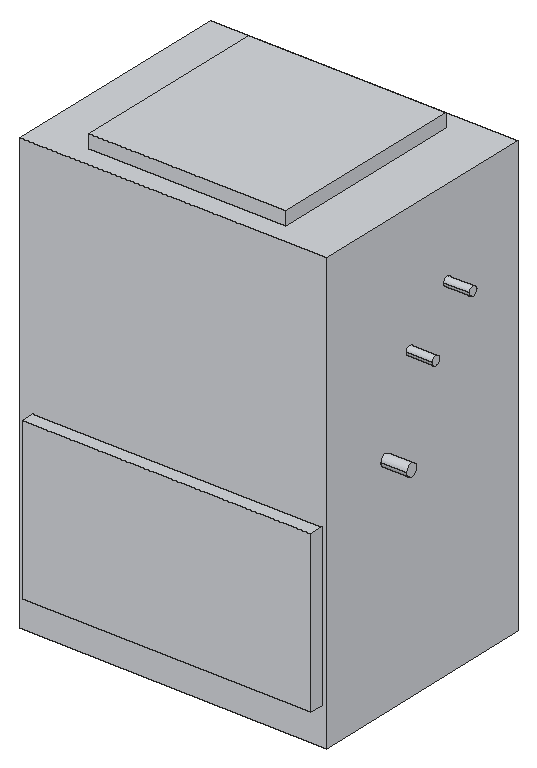
Revit family "M_Unidade de serpentina do ventilador - Duto vertical - CHW", category Equipamento mecânico, Revit 2019
Family settings
  Cota do conector redondo = Utilizar diâmetro
  Tipo de parte = Normal
  Número OmniClass = 23.75.70.17.27
  Título OmniClass = Fan Coil Units
  ID de item do Seek = Fan Coil Unit - Vertical Ducted - CHW-0000-CAN-ENU
  Com base no plano de trabalho = Não
  Sempre na vertical = Sim
  Corte com vazios quando carregada = Não
  Compartilhado = Não
  Ponto de cálculo do ambiente = Não
Parameters (values of type "282 LPS")
  Queda de pressão da água [instance] = 9652.66 Pa
  Voltagem = 120 V
  Comprimento da unidade = 584.2 mm
  Capacidade de resfriamento total = 5773.5 W
  Largura do ar de fornecimento = 375 mm
  Capacidade de resfriamento perceptível = 4220.22 W
  Largura do ar de retorno = 550 mm
  Número de pólos = 1
  Fluxo de ar nominal [instance] = 283.17 L/s
  Classificação de carga = Refrigeração
  Pressão estática externa [instance] = 74.65 Pa
  Fluxo da drenagem [instance] = 0.0 L/s
  Fluxo da água resfriada [instance] = 0.25 L/s
  Material CFU = none
  C2 Deslocamento 1 = 169.9 mm
  Carga aparente = 265 VA
Types (9, lengths in mm): name | Queda de pressão da água | Comprimento da unidade | Capacidade de resfriamento total | Largura do ar de fornecimento | Capacidade de resfriamento perceptível | Largura do ar de retorno | Fluxo de ar nominal | Fluxo da água resfriada | C2 Deslocamento 1 | Carga aparente
  (no name) | 9652.66 Pa | 584.2 | 5773.5 W | 375 | 4220.22 W | 550 | 283.17 L/s | 0.25 L/s | 169.9 | 265 VA
  282 LPS | 9652.66 Pa | 584.2 | 5773.5 W | 375 | 4220.22 W | 550 | 283.17 L/s | 0.25 L/s | 169.9 | 265 VA
  376 LPS | 21373.7 Pa | 711.2 | 8616.29 W | 500 | 6037.26 W | 650 | 377.56 L/s | 0.38 L/s | 169.9 | 310 VA
  470 LPS | 44815.9 Pa | 812.8 | 11283.2 W | 600 | 7737.08 W | 750 | 471.95 L/s | 0.5 L/s | 136.5 | 440 VA
  564 LPS | 89631.8 Pa | 939.8 | 13950.2 W | 750 | 9466.2 W | 900 | 566.34 L/s | 0.63 L/s | 136.5 | 550 VA
  658 LPS | 144789.9 Pa | 1066.8 | 15474.1 W | 850 | 10697.1 W | 1000 | 660.73 L/s | 0.69 L/s | 136.5 | 690 VA
  752 LPS | 172368.9 Pa | 1193.8 | 18961.7 W | 1000 | 12777.9 W | 1150 | 755.12 L/s | 0.95 L/s | 136.5 | 900 VA
  846 LPS | 172368.9 Pa | 1320.8 | 22185.5 W | 1100 | 14770.8 W | 1250 | 849.51 L/s | 1.2 L/s | 136.5 | 1015 VA
  940 LPS | 172368.9 Pa | 1422.4 | 24149.1 W | 1200 | 16177.5 W | 1350 | 943.89 L/s | 1.2 L/s | 136.5 | 1020 VA
Reference planes
  plane 1 "Centro (Frente/Trás)": y = 0
  plane 2: z = 0
  plane 3 "Centro (Esquerda/Direita)": x = 0
  plane 4: x = 584.2
  plane 5: y = 38.1
  plane 6: y = 419.1
  plane 7: y = 455.902
  plane 8: z = 838.2
  plane 9: z = 69.85
  plane 10: z = 374.65
  plane 11: x = 25.4
  plane 12: x = 575.4
  plane 13: y = -25.4
  plane 14: x = 101.6
  plane 15: x = 476.6
  plane 16: z = 863.6
  plane 17: x = 635
  plane 18: z = 431.8
  plane 19: y = 139.7
  plane 20: z = 593.725
  plane 21: y = 197.139
  plane 22: z = 673.1
  plane 23: y = 286.002
Forms (mm)
  Extrusion 1, solid, material <- "Material CFU"
    sketch origin (0, 0, 0) x (1, 0, 0) y (0, 1, 0)
      loop
        line (0, 455.902) -> (0, 0) -> (584.2, 0) -> (584.2, 455.902) -> (0, 455.902)
    from 0 to 838.2
  Extrusion 2, solid, material <- "Material CFU"
    sketch origin (0, 0, 0) x (1, 0, 0) y (0, 0, 1)
      loop
        line (25.4, 374.65) -> (25.4, 69.85) -> (575.4, 69.85) -> (575.4, 374.65) -> (25.4, 374.65)
    from 0 to 25.4
  Extrusion 3, solid, material <- "Material CFU"
    sketch origin (0, 0, 0) x (1, 0, 0) y (0, 1, 0)
      loop
        line (101.6, 419.1) -> (101.6, 38.1) -> (476.6, 38.1) -> (476.6, 419.1) -> (101.6, 419.1)
    from 838.2 to 863.6
  Extrusion 4, solid, material <- "Material CFU"
    sketch origin (0, 0, 0) x (0, 1, 0) y (0, 0, 1)
      loop
        circle (139.7, 431.8) r 11.113
    from 584.2 to 635
  Extrusion 5, solid, material <- "Material CFU"
    sketch origin (0, 0, 0) x (0, 1, 0) y (0, 0, 1)
      loop
        circle (197.139, 593.725) r 7.937
    from 584.2 to 635
  Extrusion 6, solid, material <- "Material CFU"
    sketch origin (0, 0, 0) x (0, 1, 0) y (0, 0, 1)
      loop
        circle (286.002, 673.1) r 7.937
    from 584.2 to 635
  Extrusion 7, solid, material <- "Material CFU"
    sketch origin (0, 0, 0) x (0, 1, 0) y (0, 0, 1)
      loop
        circle (38.1, 69.85) r 25.4
    from 575.4 to 584.2
Cuts and joins
  joined: Extrusion 1, Extrusion 2, Extrusion 3, Extrusion 4, Extrusion 5, Extrusion 6, Extrusion 7
Dimensions and locks
  locked: plane 1 "Centro (Frente/Trás)" to plane 5 at 38.1
  locked: plane 5 to plane 6 at 381
  locked: plane 6 to plane 7 at 36.802
  "Comprimento da unidade": plane 3 "Centro (Esquerda/Direita)" to plane 4
  locked: plane 8 to plane 2 at 838.2
  locked: plane 9 to plane 2 at 69.85
  locked: plane 10 to plane 9 at 304.8
  locked: plane 11 to plane 3 "Centro (Esquerda/Direita)" at 25.4
  "Largura do ar de retorno": plane 12 to plane 11
  locked: plane 13 to plane 1 "Centro (Frente/Trás)" at 25.4
  locked: plane 3 "Centro (Esquerda/Direita)" to plane 14 at 101.6
  "Largura do ar de fornecimento": plane 14 to plane 15
  locked: plane 16 to plane 8 at 25.4
  locked: plane 4 to plane 17 at 50.8
  locked: plane 18 to plane 2 at 431.8
  locked: plane 20 to plane 2 at 593.725
  locked: plane 21 to plane 7 at 258.763
  locked: plane 22 to plane 2 at 673.1
  "C2 Deslocamento 1": plane 23 to plane 7
  locked: plane 1 "Centro (Frente/Trás)" to plane 19 at 139.7
  radius of Extrusion 5 sketch curve = 7.937 mm
  radius of Extrusion 6 sketch curve = 7.937 mm
  radius of Extrusion 7 sketch curve = 25.4 mm
  aligned and locked: plane 3 "Centro (Esquerda/Direita)" to Extrusion 1 sketch curve
  aligned and locked: plane 7 to Extrusion 1 sketch curve
  aligned and locked: Extrusion 1 sketch curve to plane 4
  aligned and locked: Extrusion 1 sketch curve to plane 1 "Centro (Frente/Trás)"
  aligned and locked: Extrusion 1 to plane 2
  aligned and locked: plane 8 to Extrusion 1
  aligned and locked: Extrusion 2 sketch curve to plane 10
  aligned and locked: plane 11 to Extrusion 2 sketch curve
  aligned and locked: plane 9 to Extrusion 2 sketch curve
  aligned and locked: Extrusion 2 sketch curve to plane 12
  aligned and locked: Extrusion 2 to plane 1 "Centro (Frente/Trás)"
  aligned and locked: plane 13 to Extrusion 2
  aligned and locked: plane 6 to Extrusion 3 sketch curve
  aligned and locked: plane 14 to Extrusion 3 sketch curve
  aligned and locked: Extrusion 3 sketch curve to plane 5
  aligned and locked: Extrusion 3 sketch curve to plane 15
  aligned and locked: plane 16 to Extrusion 3
  aligned and locked: Extrusion 3 to plane 8
  aligned and locked: plane 18 to Extrusion 4 sketch curve
  aligned and locked: plane 19 to Extrusion 4 sketch curve
  aligned and locked: plane 17 to Extrusion 4
  aligned and locked: Extrusion 4 to plane 4
  aligned and locked: plane 20 to Extrusion 5 sketch curve
  aligned and locked: plane 21 to Extrusion 5 sketch curve
  aligned and locked: plane 17 to Extrusion 5
  aligned and locked: Extrusion 5 to plane 4
  aligned and locked: plane 22 to Extrusion 6 sketch curve
  aligned and locked: plane 23 to Extrusion 6 sketch curve
  aligned and locked: plane 17 to Extrusion 6
  aligned and locked: Extrusion 6 to plane 4
  aligned and locked: plane 9 to Extrusion 7 sketch curve
  aligned and locked: plane 5 to Extrusion 7 sketch curve
  aligned and locked: plane 4 to Extrusion 7
  aligned and locked: Extrusion 7 to plane 12
Automatic sketch dimensions
  radius of Extrusion 4 sketch curve = 11.113 mm
Connectors
  piping at (635, 197.139, 593.725), diameter 15.875, driven by "Fluxo da água resfriada"
    settings: on cut or joined group of Extrusion 1, Extrusion 2, Extrusion 3, Extrusion 4, Extrusion 5, Extrusion 6, Extrusion 7, index 1, connector inside diameter 15.875 mm, connector length 0 mm, flow factor 0, pipe flow 0.25 L/s, pressure drop 0.0 Pa, fitting loss kfactor 0, connector angle 0.00°, fixture units 0, engagement length 0 mm, angle of deflection 0.00°, flow configuration 1, flow direction 1, fitting loss method 4, system type 7, joint type 0, gender type 0, connector reference index 2, connector utility 0, adjustable connector no, is connector primary yes, connector description "Água resfriada,Entrada"
  piping at (635, 286.002, 673.1), diameter 15.875, driven by "Fluxo da água resfriada", driven by "Queda de pressão da água"
    settings: on cut or joined group of Extrusion 1, Extrusion 2, Extrusion 3, Extrusion 4, Extrusion 5, Extrusion 6, Extrusion 7, index 2, connector inside diameter 15.875 mm, connector length 0 mm, flow factor 0, pipe flow 0.25 L/s, pressure drop 9652.66 Pa, fitting loss kfactor 0, connector angle 0.00°, fixture units 0, engagement length 0 mm, angle of deflection 0.00°, flow configuration 1, flow direction 2, fitting loss method 4, system type 8, joint type 0, gender type 0, connector reference index 1, connector utility 0, adjustable connector no, is connector primary no, connector description "Água resfriada,Saída"
  piping at (635, 139.7, 431.8), diameter 22.225, driven by "Fluxo da drenagem"
    settings: on cut or joined group of Extrusion 1, Extrusion 2, Extrusion 3, Extrusion 4, Extrusion 5, Extrusion 6, Extrusion 7, index 3, connector inside diameter 22.225 mm, connector length 0 mm, flow factor 0, pipe flow 0.0 L/s, pressure drop 0.0 Pa, fitting loss kfactor 0, connector angle 0.00°, fixture units 0, engagement length 0 mm, angle of deflection 0.00°, flow configuration 1, flow direction 2, fitting loss method 0, system type 16, joint type 0, gender type 0, connector reference index -1, connector utility 0, adjustable connector yes, is connector primary no, connector description "Drenagem,Saída"
  hvac at (289.1, 228.6, 863.6), driven by "Largura do ar de fornecimento", driven by "Fluxo de ar nominal"
    settings: on cut or joined group of Extrusion 1, Extrusion 2, Extrusion 3, Extrusion 4, Extrusion 5, Extrusion 6, Extrusion 7, index 4, duct flow 283.17 L/s, flow factor 0, pres drop 0.0 Pa, loss coef 0, conn angle 0.00°, conn width 375 mm, conn height 381 mm, conn diameter 609.6 mm, duct sys type 1, conn prof type 1, flow config 0, flow direction 2, loss method 0, conn ref index 5, conn util no, is conn primary yes, conn desc ""
  hvac at (300.4, -25.4, 222.25), driven by "Fluxo de ar nominal", driven by "Largura do ar de retorno"
    settings: on cut or joined group of Extrusion 1, Extrusion 2, Extrusion 3, Extrusion 4, Extrusion 5, Extrusion 6, Extrusion 7, index 5, duct flow 283.17 L/s, flow factor 0, pres drop 0.0 Pa, loss coef 0, conn angle 0.00°, conn width 550 mm, conn height 304.8 mm, conn diameter 609.6 mm, duct sys type 2, conn prof type 1, flow config 0, flow direction 1, loss method 0, conn ref index 4, conn util no, is conn primary no, conn desc ""
  electrical at (584.2, 38.1, 69.85), driven by "Carga aparente", driven by "Voltagem", driven by "Número de pólos", driven by "Classificação de carga"
    settings: on Extrusion 7, index 6, voltage 120 V, apparent load 265 VA, apparent load phase1 0 VA, apparent load phase2 0 VA, apparent load phase3 0 VA, power factor 0.8, load classification "Refrigeração", number of poles 1, system type 30, power factor state 1, is connector primary yes, connector utility no, sub classification motor no, connector description ""
